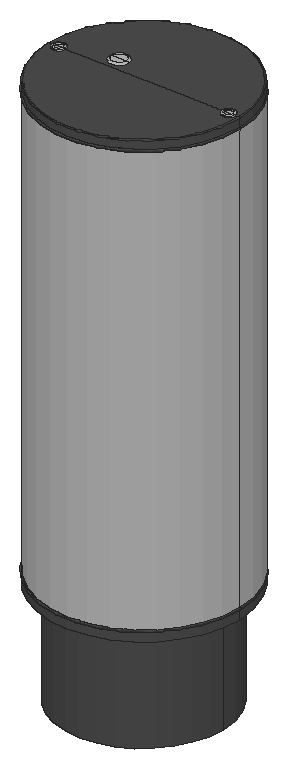
Revit family "Condensing-Storage-Water-Heater-Gas-AO_Smith-TWI-45-190_N", category Mechanical Equipment, Revit 2014
Reference planes
  plane 1 "Center (Front/Back)": y = 0
  plane 2: z = 0
  plane 3 "Center (Left/Right)": x = 0
Forms (mm)
  Revolve 1, solid, material "RAL 9005"
    sketch origin (0, 0, 385) x (1, 0, 0) y (0, 0, 1)
      loop
        line (0, 1230.694) -> (-277.019, 1230.694)
        arc (-277.019, 1230.694) -> (-278.703, 1229.997) -> (-279.4, 1228.313) r 2.381
        line (-279.4, 1228.313) -> (-279.4, 1206.258)
        arc (-279.4, 1206.258) -> (-282.593, 1203.065) -> (-279.4, 1199.872) r 3.193
        line (-279.4, 1199.872) -> (0, 1199.872) -> (0, 1230.694)
      axis (0, 1230.694) -> (0, 1199.872)
    angle from 0 to 360
  Revolve 2, solid, material "RAL 9005"
    sketch origin (0, 0, 0) x (1, 0, 0) y (0, 0, 1)
      loop
        line (0, 0) -> (0, 336.272) -> (-279.4, 336.272)
        arc (-279.4, 336.272) -> (-282.575, 333.097) -> (-279.4, 329.922) r 3.175
        line (-279.4, 329.922) -> (-279.4, 304.292) -> (-233.686, 304.292) -> (-233.686, 0) -> (0, 0)
      axis (0, 0) -> (0, 336.272)
    angle from 0 to 360
  Revolve 3, solid, material "RAL 9006"
    sketch origin (1.311, 0, 0) x (1, 0, 0) y (0, 0, 1)
      loop
        line (-278.86, 1584.872) -> (-278.86, 336.272) -> (0, 336.272) -> (0, 1584.872) -> (-278.86, 1584.872)
      axis (0, 1584.872) -> (0, 336.272)
    angle from 0 to 360
  Revolve 4, solid, material "RAL 9006"
    sketch origin (9.171, 39.723, 385) x (1, 0, 0) y (0, 0, 1)
      loop
        line (-139.961, 1230.731) -> (-112.873, 1230.731) -> (-112.873, 1233.459) -> (-135.199, 1233.459) -> (-135.199, 1234.795) -> (-139.961, 1230.731)
      axis (-112.873, 1230.731) -> (-112.873, 1234.795)
    angle from 0 to 360
  Revolve 5, solid, material "RAL 9006"
    sketch origin (9.205, 0, 377.212) x (1, 0, 0) y (0, 0, 1)
      loop
        line (-275.142, 1238.255) -> (-256.879, 1238.255) -> (-256.879, 1239.995) -> (-269.736, 1239.995) -> (-269.736, 1241.119) -> (-275.142, 1239.957) -> (-275.142, 1238.255)
      axis (-256.879, 1238.255) -> (-256.879, 1241.119)
    angle from 0 to 360
  Revolve 6, solid, material "RAL 9006"
    sketch origin (-9.205, 0, 377.212) x (-1, 0, 0) y (0, 0, 1)
      loop
        line (-275.142, 1238.255) -> (-256.879, 1238.255) -> (-256.879, 1239.995) -> (-269.736, 1239.995) -> (-269.736, 1241.119) -> (-275.142, 1239.957) -> (-275.142, 1238.255)
      axis (-256.879, 1238.255) -> (-256.879, 1241.119)
    angle from 0 to 360
  Extrusion 7, void
    sketch origin (9.207, 15.57, 145.168) x (-0.573576, -0.819152, 0) y (0, 0, 1)
      loop
        circle (0, 0) r 35
    from 191.954 to 319.17
  Extrusion 8, void
    sketch origin (167.828, 263.467, 23) x (0.939586, -0.342314, 0) y (0, 0, 1)
      loop
        arc (-60, 20) -> (-62.5, 17.5) -> (-60, 15) r 2.5
        line (-60, 15) -> (0, 15)
        arc (0, 15) -> (2.5, 17.5) -> (0, 20) r 2.5
        line (0, 20) -> (-60, 20)
    from 0 to 250
  Extrusion 9, void
    sketch origin (97.359, 289.141, 23) x (0.939586, -0.342314, 0) y (0, 0, 1)
      loop
        arc (-60, 20) -> (-62.5, 17.5) -> (-60, 15) r 2.5
        line (-60, 15) -> (0, 15)
        arc (0, 15) -> (2.5, 17.5) -> (0, 20) r 2.5
        line (0, 20) -> (-60, 20)
    from 0 to 250
  Extrusion 10, void
    sketch origin (167.828, 263.467, 40) x (0.939586, -0.342314, 0) y (0, 0, 1)
      loop
        arc (-60, 20) -> (-62.5, 17.5) -> (-60, 15) r 2.5
        line (-60, 15) -> (0, 15)
        arc (0, 15) -> (2.5, 17.5) -> (0, 20) r 2.5
        line (0, 20) -> (-60, 20)
    from 0 to 250
  Extrusion 11, void
    sketch origin (97.359, 289.141, 40) x (0.939586, -0.342314, 0) y (0, 0, 1)
      loop
        arc (-60, 20) -> (-62.5, 17.5) -> (-60, 15) r 2.5
        line (-60, 15) -> (0, 15)
        arc (0, 15) -> (2.5, 17.5) -> (0, 20) r 2.5
        line (0, 20) -> (-60, 20)
    from 0 to 250
  Extrusion 12, void
    sketch origin (167.828, 263.467, 56.961) x (0.939586, -0.342314, 0) y (0, 0, 1)
      loop
        arc (-60, 20) -> (-62.5, 17.5) -> (-60, 15) r 2.5
        line (-60, 15) -> (0, 15)
        arc (0, 15) -> (2.5, 17.5) -> (0, 20) r 2.5
        line (0, 20) -> (-60, 20)
    from 0 to 250
  Extrusion 13, void
    sketch origin (97.359, 289.141, 56.961) x (0.939586, -0.342314, 0) y (0, 0, 1)
      loop
        arc (-60, 20) -> (-62.5, 17.5) -> (-60, 15) r 2.5
        line (-60, 15) -> (0, 15)
        arc (0, 15) -> (2.5, 17.5) -> (0, 20) r 2.5
        line (0, 20) -> (-60, 20)
    from 0 to 250
  Extrusion 14, void
    sketch origin (167.828, 263.467, 71.961) x (0.939586, -0.342314, 0) y (0, 0, 1)
      loop
        arc (-60, 20) -> (-62.5, 17.5) -> (-60, 15) r 2.5
        line (-60, 15) -> (0, 15)
        arc (0, 15) -> (2.5, 17.5) -> (0, 20) r 2.5
        line (0, 20) -> (-60, 20)
    from 0 to 250
  Extrusion 15, void
    sketch origin (97.359, 289.141, 71.961) x (0.939586, -0.342314, 0) y (0, 0, 1)
      loop
        arc (-60, 20) -> (-62.5, 17.5) -> (-60, 15) r 2.5
        line (-60, 15) -> (0, 15)
        arc (0, 15) -> (2.5, 17.5) -> (0, 20) r 2.5
        line (0, 20) -> (-60, 20)
    from 0 to 250
  Extrusion 16, void
    sketch origin (167.828, 263.467, 86.961) x (0.939586, -0.342314, 0) y (0, 0, 1)
      loop
        arc (-60, 20) -> (-62.5, 17.5) -> (-60, 15) r 2.5
        line (-60, 15) -> (0, 15)
        arc (0, 15) -> (2.5, 17.5) -> (0, 20) r 2.5
        line (0, 20) -> (-60, 20)
    from 0 to 250
  Extrusion 17, void
    sketch origin (97.359, 289.141, 86.961) x (0.939586, -0.342314, 0) y (0, 0, 1)
      loop
        arc (-60, 20) -> (-62.5, 17.5) -> (-60, 15) r 2.5
        line (-60, 15) -> (0, 15)
        arc (0, 15) -> (2.5, 17.5) -> (0, 20) r 2.5
        line (0, 20) -> (-60, 20)
    from 0 to 250
  Extrusion 18, void, not visible
    sketch origin (67.5, 0, 23) x (1, 0, 0) y (0, 0, 1)
      loop
        arc (-60, 20) -> (-62.5, 17.5) -> (-60, 15) r 2.5
        line (-60, 15) -> (0, 15)
        arc (0, 15) -> (2.5, 17.5) -> (0, 20) r 2.5
        line (0, 20) -> (-60, 20)
    from 0 to 250
  Extrusion 19, void, not visible
    sketch origin (-7.5, 0, 23) x (1, 0, 0) y (0, 0, 1)
      loop
        arc (-60, 20) -> (-62.5, 17.5) -> (-60, 15) r 2.5
        line (-60, 15) -> (0, 15)
        arc (0, 15) -> (2.5, 17.5) -> (0, 20) r 2.5
        line (0, 20) -> (-60, 20)
    from 0 to 250
  Extrusion 20, void, not visible
    sketch origin (67.5, 0, 40) x (1, 0, 0) y (0, 0, 1)
      loop
        arc (-60, 20) -> (-62.5, 17.5) -> (-60, 15) r 2.5
        line (-60, 15) -> (0, 15)
        arc (0, 15) -> (2.5, 17.5) -> (0, 20) r 2.5
        line (0, 20) -> (-60, 20)
    from 0 to 250
  Extrusion 21, void, not visible
    sketch origin (-7.5, 0, 40) x (1, 0, 0) y (0, 0, 1)
      loop
        arc (-60, 20) -> (-62.5, 17.5) -> (-60, 15) r 2.5
        line (-60, 15) -> (0, 15)
        arc (0, 15) -> (2.5, 17.5) -> (0, 20) r 2.5
        line (0, 20) -> (-60, 20)
    from 0 to 250
  Extrusion 22, void, not visible
    sketch origin (67.5, 0, 56.961) x (1, 0, 0) y (0, 0, 1)
      loop
        arc (-60, 20) -> (-62.5, 17.5) -> (-60, 15) r 2.5
        line (-60, 15) -> (0, 15)
        arc (0, 15) -> (2.5, 17.5) -> (0, 20) r 2.5
        line (0, 20) -> (-60, 20)
    from 0 to 250
  Extrusion 23, void, not visible
    sketch origin (-7.5, 0, 56.961) x (1, 0, 0) y (0, 0, 1)
      loop
        arc (-60, 20) -> (-62.5, 17.5) -> (-60, 15) r 2.5
        line (-60, 15) -> (0, 15)
        arc (0, 15) -> (2.5, 17.5) -> (0, 20) r 2.5
        line (0, 20) -> (-60, 20)
    from 0 to 250
  Extrusion 24, void, not visible
    sketch origin (67.5, 0, 71.961) x (1, 0, 0) y (0, 0, 1)
      loop
        arc (-60, 20) -> (-62.5, 17.5) -> (-60, 15) r 2.5
        line (-60, 15) -> (0, 15)
        arc (0, 15) -> (2.5, 17.5) -> (0, 20) r 2.5
        line (0, 20) -> (-60, 20)
    from 0 to 250
  Extrusion 25, void, not visible
    sketch origin (-7.5, 0, 71.961) x (1, 0, 0) y (0, 0, 1)
      loop
        arc (-60, 20) -> (-62.5, 17.5) -> (-60, 15) r 2.5
        line (-60, 15) -> (0, 15)
        arc (0, 15) -> (2.5, 17.5) -> (0, 20) r 2.5
        line (0, 20) -> (-60, 20)
    from 0 to 250
  Extrusion 26, void, not visible
    sketch origin (67.5, 0, 86.961) x (1, 0, 0) y (0, 0, 1)
      loop
        arc (-60, 20) -> (-62.5, 17.5) -> (-60, 15) r 2.5
        line (-60, 15) -> (0, 15)
        arc (0, 15) -> (2.5, 17.5) -> (0, 20) r 2.5
        line (0, 20) -> (-60, 20)
    from 0 to 250
  Extrusion 27, void, not visible
    sketch origin (-7.5, 0, 86.961) x (1, 0, 0) y (0, 0, 1)
      loop
        arc (-60, 20) -> (-62.5, 17.5) -> (-60, 15) r 2.5
        line (-60, 15) -> (0, 15)
        arc (0, 15) -> (2.5, 17.5) -> (0, 20) r 2.5
        line (0, 20) -> (-60, 20)
    from 0 to 250
  Extrusion 28, void
    sketch origin (-41.336, 309.633, 193) x (0.939196, 0.343381, 0) y (0, 0, 1)
      loop
        arc (-60, 20) -> (-62.5, 17.5) -> (-60, 15) r 2.5
        line (-60, 15) -> (0, 15)
        arc (0, 15) -> (2.5, 17.5) -> (0, 20) r 2.5
        line (0, 20) -> (-60, 20)
    from 0 to 250
  Extrusion 29, void
    sketch origin (-111.775, 283.879, 193) x (0.939196, 0.343381, 0) y (0, 0, 1)
      loop
        arc (-60, 20) -> (-62.5, 17.5) -> (-60, 15) r 2.5
        line (-60, 15) -> (0, 15)
        arc (0, 15) -> (2.5, 17.5) -> (0, 20) r 2.5
        line (0, 20) -> (-60, 20)
    from 0 to 250
  Extrusion 30, void
    sketch origin (-41.336, 309.633, 210) x (0.939196, 0.343381, 0) y (0, 0, 1)
      loop
        arc (-60, 20) -> (-62.5, 17.5) -> (-60, 15) r 2.5
        line (-60, 15) -> (0, 15)
        arc (0, 15) -> (2.5, 17.5) -> (0, 20) r 2.5
        line (0, 20) -> (-60, 20)
    from 0 to 250
  Extrusion 31, void
    sketch origin (-111.775, 283.879, 210) x (0.939196, 0.343381, 0) y (0, 0, 1)
      loop
        arc (-60, 20) -> (-62.5, 17.5) -> (-60, 15) r 2.5
        line (-60, 15) -> (0, 15)
        arc (0, 15) -> (2.5, 17.5) -> (0, 20) r 2.5
        line (0, 20) -> (-60, 20)
    from 0 to 250
  Extrusion 32, void
    sketch origin (-41.336, 309.633, 226.961) x (0.939196, 0.343381, 0) y (0, 0, 1)
      loop
        arc (-60, 20) -> (-62.5, 17.5) -> (-60, 15) r 2.5
        line (-60, 15) -> (0, 15)
        arc (0, 15) -> (2.5, 17.5) -> (0, 20) r 2.5
        line (0, 20) -> (-60, 20)
    from 0 to 250
  Extrusion 33, void
    sketch origin (-111.775, 283.879, 226.961) x (0.939196, 0.343381, 0) y (0, 0, 1)
      loop
        arc (-60, 20) -> (-62.5, 17.5) -> (-60, 15) r 2.5
        line (-60, 15) -> (0, 15)
        arc (0, 15) -> (2.5, 17.5) -> (0, 20) r 2.5
        line (0, 20) -> (-60, 20)
    from 0 to 250
  Extrusion 34, void
    sketch origin (-41.336, 309.633, 241.961) x (0.939196, 0.343381, 0) y (0, 0, 1)
      loop
        arc (-60, 20) -> (-62.5, 17.5) -> (-60, 15) r 2.5
        line (-60, 15) -> (0, 15)
        arc (0, 15) -> (2.5, 17.5) -> (0, 20) r 2.5
        line (0, 20) -> (-60, 20)
    from 0 to 250
  Extrusion 35, void
    sketch origin (-111.775, 283.879, 241.961) x (0.939196, 0.343381, 0) y (0, 0, 1)
      loop
        arc (-60, 20) -> (-62.5, 17.5) -> (-60, 15) r 2.5
        line (-60, 15) -> (0, 15)
        arc (0, 15) -> (2.5, 17.5) -> (0, 20) r 2.5
        line (0, 20) -> (-60, 20)
    from 0 to 250
  Extrusion 36, void
    sketch origin (-41.336, 309.633, 256.961) x (0.939196, 0.343381, 0) y (0, 0, 1)
      loop
        arc (-60, 20) -> (-62.5, 17.5) -> (-60, 15) r 2.5
        line (-60, 15) -> (0, 15)
        arc (0, 15) -> (2.5, 17.5) -> (0, 20) r 2.5
        line (0, 20) -> (-60, 20)
    from 0 to 250
  Extrusion 37, void
    sketch origin (-111.775, 283.879, 256.961) x (0.939196, 0.343381, 0) y (0, 0, 1)
      loop
        arc (-60, 20) -> (-62.5, 17.5) -> (-60, 15) r 2.5
        line (-60, 15) -> (0, 15)
        arc (0, 15) -> (2.5, 17.5) -> (0, 20) r 2.5
        line (0, 20) -> (-60, 20)
    from 0 to 250
Cuts and joins
  Extrusion 7, Extrusion 8, Extrusion 9, Extrusion 10, Extrusion 11, Extrusion 12, Extrusion 13, Extrusion 14, Extrusion 15, Extrusion 16, Extrusion 17, Extrusion 28, Extrusion 29, Extrusion 30, Extrusion 31, Extrusion 32, Extrusion 33, Extrusion 34, Extrusion 35, Extrusion 36, Extrusion 37 cuts Revolve 2
Dimensions and locks
  aligned and locked: level to plane 2
